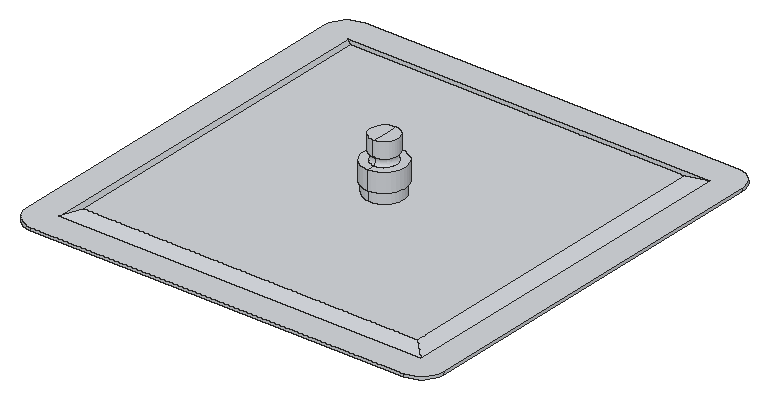
Revit family "BRG-GRF-DCH_ Briggs Reg. Cuad. Slim Inox Cr 30 cm", category Aparatos sanitarios, Revit 2020
Family settings
  Cota de conector redondo = Diámetro de uso
  Tipo de pieza = Normal
  Número OmniClass = 23.45.00.00
  Título OmniClass = Sanitary, Laundry, and Cleaning Equipment
  Se basa en plano de trabajo = No
  Siempre vertical = Sí
  Corte con vacíos al cargar = No
  Compartido = Sí
  Punto de cálculo de habitación = Sí
Parameters (values of type "Briggs Reg. Cuad. Slim Inox Cr 30 cm")
  _EDESA_ Sku/código = "SG0081023061CW"
  _EDESA_ Materiales = "Latón"
  _EDESA_ Garantía = "De por vida para el cuerpo principal y acabado en cromo (306)"
  _EDESA_ Cumple normativa ADA = ""
  _EDESA_ Contacto comercial = "(02) 395 2900"
  _EDESA_ Conexión hidráulica = "Entrada de agua: tubería ø 1/2\""
  _EDESA_ Certificación = "Cumple con norma NTE - INEN 3123 basada en la norma ASME 112.18.1 - 2012."
  _EDESA_ Productos necesarios para instalación = "Brazo de ducha"
  _EDESA_ Productos incluídos = ""
  _EDESA_ Color = "cromo"
  _EDESA_ Descripción = "Regadera de ducha"
  _EDESA_ Peso en kg = "1.8 kg"
  _EDESA_ Consumo/capacidad de agua en L = "9.5 litros por minuto / 2.5 gpm"
  _EDESA_ Distancia de instalación en cm (muro terminado) = "0"
  _EDESA_ Tipo de instalación = "Con brazo de ducha"
  _EDESA_ Profundidad en cm = "30"
  _EDESA_ Categoría = "Productos > Grifería > Ducha"
  _EDESA_ BIM Manager = "Arq. Milton Ruano"
  _EDESA_ Autor BIM = "www.bimplus.com.ec (bimplus.arquitectura.integrada@gmail.com)"
  _EDESA_ Ancho en cm = "30"
  _EDESA_ Alto en cm = "5.8"
  _EDESA_ Manual de Instalación = "https://www.briggs.com.ec/productos/instructivos/Briggs/Griferia/Regaderas_slim.pdf"
  _EDESA_ Nombre = "REGADERA CUADRADA SLIM 30 cm x 30 cm"
  _ALT_Eje instalación = 0.60 m
  _ALT_Basamento = 0.85 m
  URL = "https://www.briggs.com.ec/productos/fichastecnicaspdf/Briggs/Griferia/Regadera_cuadrada_slim_30.pdf"
  Modelo = "Briggs Reg. Cuad. Slim Inox Cr 30 cm"
  Imagen de tipo = <Ninguno>
  Fabricante = "BRIGGS Ecuador"
  Elevación por defecto = 0.00 m
  Conexión de ventilación = yes
  Conexión de residuos = yes
  Conexión AF = yes
  Conexión AC = yes
Reference planes (m)
  plane 1 "Centro (Frontal/Posterior)": y = 0
  plane 2: z = 0
  plane 3 "Centro (Izquierda/Derecha)": x = 0
Dimensions and locks (m)
  aligned and locked: level to plane 2
  aligned and locked: plane 3 "Centro (Izquierda/Derecha)" to nested 1
  aligned and locked: plane 1 "Centro (Frontal/Posterior)" to nested 1
Nested families (m)
  nested 1: "REJILLA" at (0, 0, 0), type "REJILLA"
Connectors (m)
  piping at (0, 0, 0), diameter 0.0127
    settings: on nested 1, index 1, connector inside diameter 609.6 mm, connector length 0.00 m, flow factor 0, pipe flow 0.0 L/s, pressure drop 0.0 Pa, fitting loss kfactor 0, connector angle 0.00°, fixture units 0, engagement length 0.00 m, angle of deflection 0.00°, flow configuration 0, flow direction 1, fitting loss method 0, system type 7, joint type 0, gender type 0, connector reference index -1, connector utility 0, adjustable connector no, is connector primary yes, connector description ""
Definition of nested family "REJILLA"
  Parameters (values of type "REJILLA")
    _EDESA_tipo genérico = "Inodoro"
    _EDESA_URL de ficha técnica = "https://edesa.com.ec/productos/fichastecnicaspdf/Edesa/Sanitarios/Andes.pdf"
    _EDESA_Imagen = 0
    _EDESA_Fábrica nacional = "EDESA Ecuador"
    _EDESA_Código de producto = "JS0022641301CE"
    _EDESA_ Tolerancia dimensional = "± 3% > 20 cm ± 5% < 20 cm"
    _EDESA_ Tipo de montaje / instalación = "30.5 cm"
    _EDESA_ Superficie del agua = "15.5 cm x 18.8 cm"
    _EDESA_ SKU = "JS0022641301CE"
    _EDESA_ Material secundario = "Plástico blanco"
    _EDESA_ Material principal = "Porcelana tono verde mist"
    _EDESA_ Altura = 72.80 m
    _EDESA_ Peso = "23.20 Kg"
    _EDESA_ Nivel mínimo del agua del tanque = "17.5 cm"
    _EDESA_ Largo = 67.50 m
    _EDESA_ Espesor mínimo = "0.6 cm"
    _EDESA_ Diámetro trampa = "4.8 cm"
    _EDESA_ Color = "Blanco"
    _EDESA_ Categoria = "Two pieces"
    _EDESA_ Capacidad / consumo de agua = "4.8 litros"
    _EDESA_ Ancho = 36.50 m
    _EDESA_ Altura de sello = "N/A"
    _ALT_Toma = 0.60 m
    _ALT_Meson = 0.85 m
    URL = "https://edesa.com.ec/productos/fichastecnicaspdf/Edesa/Sanitarios/Andes.pdf"
    Model = "_Edesa_ INODORO ANDES C/A BLANCO"
    Type Image = (empty or 0)
    Manufacturer = "EDESA Ecuador"
    Default Elevation = 0.00 m
    Vent Connection = no
    Waste Connection = no
    CW Connection = no
    HW Connection = no
  Reference planes (m)
    plane 1 "Centro (Frontal/Posterior)": y = 0
    plane 2: z = 0
    plane 3 "Centro (Izquierda/Derecha)": x = 0
    plane 4 "_Alt_Altura de Meson": z = 0.85
    plane 5 "Centro I/E": z = 0.946565
    plane 6 "_RP_Eje": z = 0.6
  Forms (m)
    Revolve 1, solid
      sketch origin (0, 0, 0) x (0, 1, 0) y (0, 0, 1)
        loop
          line (0.013502, -0.041) -> (0.013502, -0.030134) -> (0.014708, -0.030134) -> (0.014708, -0.01672) -> (0.008975, -0.01672)
          arc (0.008975, -0.01672) -> (0.007666, -0.01346) -> (0.009885, -0.010736) r 0.003459
          line (0.009885, -0.010736) -> (0.009885, 0) -> (0, 0) -> (0, -0.041) -> (0.013502, -0.041)
        axis (0, -0.041) -> (0, 0)
      angle from 0 to 360
    Extrusion 2, solid
      sketch origin (0, 0, 0) x (1, 0, 0) y (0, 1, 0)
        loop
          line (-0.15, 0.134) -> (-0.15, -0.134)
          arc (-0.15, -0.134) -> (-0.145314, -0.145314) -> (-0.134, -0.15) r 0.016
          line (-0.134, -0.15) -> (0.134, -0.15)
          arc (0.134, -0.15) -> (0.145314, -0.145314) -> (0.15, -0.134) r 0.016
          line (0.15, -0.134) -> (0.15, 0.134)
          arc (0.15, 0.134) -> (0.145314, 0.145314) -> (0.134, 0.15) r 0.016
          line (0.134, 0.15) -> (-0.134, 0.15)
          arc (-0.134, 0.15) -> (-0.145314, 0.145314) -> (-0.15, 0.134) r 0.016
      from -0.04364 to -0.04164
    SweptBlend 3, solid
      path origin (0, 0, 0) x (0, 1, 0) y (0, 0, 1)
        loop
          line (0, -0.04164) -> (0, -0.03764)
      profile origin (0, 0, -0.04164) x (0, -1, 0) y (1, 0, 0)
        loop
          line (-0.13, -0.13) -> (0.13, -0.13) -> (0.13, 0.13) -> (-0.13, 0.13) -> (-0.13, -0.13)
      end profile origin (0, 0, -0.03764) x (0, -1, 0) y (1, 0, 0)
        loop
          line (-0.12, 0.12) -> (-0.12, -0.12) -> (0.12, -0.12) -> (0.12, 0.12) -> (-0.12, 0.12)
    SweptBlend 4, solid, not visible
      path origin (-0.174116, -0.064, 0) x (-1, 0, 0) y (0, 0, 1)
        loop
          line (-0.110116, -0.059) -> (-0.110116, -0.056)
      profile origin (-0.064, -0.064, -0.059) x (1, 0, 0) y (0, 1, 0)
        loop
          circle (0, 0) r 0.0015
      end profile origin (-0.064, -0.064, -0.056) x (1, 0, 0) y (0, 1, 0)
        loop
          circle (0, 0) r 0.003
    SweptBlend 5, solid
      path origin (-0.235216, -0.124682, 0.01236) x (-1, 0, 0) y (0, 0, 1)
        loop
          line (-0.110116, -0.059) -> (-0.110116, -0.056)
      profile origin (-0.1251, -0.124682, -0.04664) x (1, 0, 0) y (0, 1, 0)
        loop
          circle (0, -0.000418) r 0.001
      end profile origin (-0.1251, -0.124682, -0.04364) x (1, 0, 0) y (0, 1, 0)
        loop
          circle (0, -0.000418) r 0.004
    SweptBlend 6, solid
      path origin (-0.214366, -0.124682, 0.01236) x (-1, 0, 0) y (0, 0, 1)
        loop
          line (-0.110116, -0.059) -> (-0.110116, -0.056)
      profile origin (-0.10425, -0.124682, -0.04664) x (1, 0, 0) y (0, 1, 0)
        loop
          circle (0, -0.000418) r 0.001
      end profile origin (-0.10425, -0.124682, -0.04364) x (1, 0, 0) y (0, 1, 0)
        loop
          circle (0, -0.000418) r 0.004
    SweptBlend 7, solid
      path origin (-0.193516, -0.124682, 0.01236) x (-1, 0, 0) y (0, 0, 1)
        loop
          line (-0.110116, -0.059) -> (-0.110116, -0.056)
      profile origin (-0.0834, -0.124682, -0.04664) x (1, 0, 0) y (0, 1, 0)
        loop
          circle (0, -0.000418) r 0.001
      end profile origin (-0.0834, -0.124682, -0.04364) x (1, 0, 0) y (0, 1, 0)
        loop
          circle (0, -0.000418) r 0.004
    SweptBlend 8, solid
      path origin (-0.172666, -0.124682, 0.01236) x (-1, 0, 0) y (0, 0, 1)
        loop
          line (-0.110116, -0.059) -> (-0.110116, -0.056)
      profile origin (-0.06255, -0.124682, -0.04664) x (1, 0, 0) y (0, 1, 0)
        loop
          circle (0, -0.000418) r 0.001
      end profile origin (-0.06255, -0.124682, -0.04364) x (1, 0, 0) y (0, 1, 0)
        loop
          circle (0, -0.000418) r 0.004
    SweptBlend 9, solid
      path origin (-0.151816, -0.124682, 0.01236) x (-1, 0, 0) y (0, 0, 1)
        loop
          line (-0.110116, -0.059) -> (-0.110116, -0.056)
      profile origin (-0.0417, -0.124682, -0.04664) x (1, 0, 0) y (0, 1, 0)
        loop
          circle (0, -0.000418) r 0.001
      end profile origin (-0.0417, -0.124682, -0.04364) x (1, 0, 0) y (0, 1, 0)
        loop
          circle (0, -0.000418) r 0.004
    SweptBlend 10, solid
      path origin (-0.130966, -0.124682, 0.01236) x (-1, 0, 0) y (0, 0, 1)
        loop
          line (-0.110116, -0.059) -> (-0.110116, -0.056)
      profile origin (-0.02085, -0.124682, -0.04664) x (1, 0, 0) y (0, 1, 0)
        loop
          circle (0, -0.000418) r 0.001
      end profile origin (-0.02085, -0.124682, -0.04364) x (1, 0, 0) y (0, 1, 0)
        loop
          circle (0, -0.000418) r 0.004
    SweptBlend 11, solid
      path origin (-0.110116, -0.124682, 0.01236) x (-1, 0, 0) y (0, 0, 1)
        loop
          line (-0.110116, -0.059) -> (-0.110116, -0.056)
      profile origin (0, -0.124682, -0.04664) x (1, 0, 0) y (0, 1, 0)
        loop
          circle (0, -0.000418) r 0.001
      end profile origin (0, -0.124682, -0.04364) x (1, 0, 0) y (0, 1, 0)
        loop
          circle (0, -0.000418) r 0.004
    SweptBlend 12, solid
      path origin (-0.089266, -0.124682, 0.01236) x (-1, 0, 0) y (0, 0, 1)
        loop
          line (-0.110116, -0.059) -> (-0.110116, -0.056)
      profile origin (0.02085, -0.124682, -0.04664) x (1, 0, 0) y (0, 1, 0)
        loop
          circle (0, -0.000418) r 0.001
      end profile origin (0.02085, -0.124682, -0.04364) x (1, 0, 0) y (0, 1, 0)
        loop
          circle (0, -0.000418) r 0.004
    SweptBlend 13, solid
      path origin (-0.068416, -0.124682, 0.01236) x (-1, 0, 0) y (0, 0, 1)
        loop
          line (-0.110116, -0.059) -> (-0.110116, -0.056)
      profile origin (0.0417, -0.124682, -0.04664) x (1, 0, 0) y (0, 1, 0)
        loop
          circle (0, -0.000418) r 0.001
      end profile origin (0.0417, -0.124682, -0.04364) x (1, 0, 0) y (0, 1, 0)
        loop
          circle (0, -0.000418) r 0.004
    SweptBlend 14, solid
      path origin (-0.047566, -0.124682, 0.01236) x (-1, 0, 0) y (0, 0, 1)
        loop
          line (-0.110116, -0.059) -> (-0.110116, -0.056)
      profile origin (0.06255, -0.124682, -0.04664) x (1, 0, 0) y (0, 1, 0)
        loop
          circle (0, -0.000418) r 0.001
      end profile origin (0.06255, -0.124682, -0.04364) x (1, 0, 0) y (0, 1, 0)
        loop
          circle (0, -0.000418) r 0.004
    SweptBlend 15, solid
      path origin (-0.026716, -0.124682, 0.01236) x (-1, 0, 0) y (0, 0, 1)
        loop
          line (-0.110116, -0.059) -> (-0.110116, -0.056)
      profile origin (0.0834, -0.124682, -0.04664) x (1, 0, 0) y (0, 1, 0)
        loop
          circle (0, -0.000418) r 0.001
      end profile origin (0.0834, -0.124682, -0.04364) x (1, 0, 0) y (0, 1, 0)
        loop
          circle (0, -0.000418) r 0.004
    SweptBlend 16, solid
      path origin (-0.005866, -0.124682, 0.01236) x (-1, 0, 0) y (0, 0, 1)
        loop
          line (-0.110116, -0.059) -> (-0.110116, -0.056)
      profile origin (0.10425, -0.124682, -0.04664) x (1, 0, 0) y (0, 1, 0)
        loop
          circle (0, -0.000418) r 0.001
      end profile origin (0.10425, -0.124682, -0.04364) x (1, 0, 0) y (0, 1, 0)
        loop
          circle (0, -0.000418) r 0.004
    SweptBlend 17, solid
      path origin (0.014984, -0.124682, 0.01236) x (-1, 0, 0) y (0, 0, 1)
        loop
          line (-0.110116, -0.059) -> (-0.110116, -0.056)
      profile origin (0.1251, -0.124682, -0.04664) x (1, 0, 0) y (0, 1, 0)
        loop
          circle (0, -0.000418) r 0.001
      end profile origin (0.1251, -0.124682, -0.04364) x (1, 0, 0) y (0, 1, 0)
        loop
          circle (0, -0.000418) r 0.004
    SweptBlend 18, solid, not visible
      path origin (-0.235216, -0.124682, 0.01236) x (-1, 0, 0) y (0, 0, 1)
        loop
          line (-0.110116, -0.059) -> (-0.110116, -0.056)
      profile origin (-0.1251, -0.124682, -0.04664) x (1, 0, 0) y (0, 1, 0)
        loop
          circle (0, -0.000418) r 0.001
      end profile origin (-0.1251, -0.124682, -0.04364) x (1, 0, 0) y (0, 1, 0)
        loop
          circle (0, -0.000418) r 0.004
    SweptBlend 19, solid
      path origin (-0.235216, -0.103832, 0.01236) x (-1, 0, 0) y (0, 0, 1)
        loop
          line (-0.110116, -0.059) -> (-0.110116, -0.056)
      profile origin (-0.1251, -0.103832, -0.04664) x (1, 0, 0) y (0, 1, 0)
        loop
          circle (0, -0.000418) r 0.001
      end profile origin (-0.1251, -0.103832, -0.04364) x (1, 0, 0) y (0, 1, 0)
        loop
          circle (0, -0.000418) r 0.004
    SweptBlend 20, solid
      path origin (-0.214366, -0.103832, 0.01236) x (-1, 0, 0) y (0, 0, 1)
        loop
          line (-0.110116, -0.059) -> (-0.110116, -0.056)
      profile origin (-0.10425, -0.103832, -0.04664) x (1, 0, 0) y (0, 1, 0)
        loop
          circle (0, -0.000418) r 0.001
      end profile origin (-0.10425, -0.103832, -0.04364) x (1, 0, 0) y (0, 1, 0)
        loop
          circle (0, -0.000418) r 0.004
    SweptBlend 21, solid
      path origin (-0.193516, -0.103832, 0.01236) x (-1, 0, 0) y (0, 0, 1)
        loop
          line (-0.110116, -0.059) -> (-0.110116, -0.056)
      profile origin (-0.0834, -0.103832, -0.04664) x (1, 0, 0) y (0, 1, 0)
        loop
          circle (0, -0.000418) r 0.001
      end profile origin (-0.0834, -0.103832, -0.04364) x (1, 0, 0) y (0, 1, 0)
        loop
          circle (0, -0.000418) r 0.004
    SweptBlend 22, solid
      path origin (-0.172666, -0.103832, 0.01236) x (-1, 0, 0) y (0, 0, 1)
        loop
          line (-0.110116, -0.059) -> (-0.110116, -0.056)
      profile origin (-0.06255, -0.103832, -0.04664) x (1, 0, 0) y (0, 1, 0)
        loop
          circle (0, -0.000418) r 0.001
      end profile origin (-0.06255, -0.103832, -0.04364) x (1, 0, 0) y (0, 1, 0)
        loop
          circle (0, -0.000418) r 0.004
    SweptBlend 23, solid
      path origin (-0.151816, -0.103832, 0.01236) x (-1, 0, 0) y (0, 0, 1)
        loop
          line (-0.110116, -0.059) -> (-0.110116, -0.056)
      profile origin (-0.0417, -0.103832, -0.04664) x (1, 0, 0) y (0, 1, 0)
        loop
          circle (0, -0.000418) r 0.001
      end profile origin (-0.0417, -0.103832, -0.04364) x (1, 0, 0) y (0, 1, 0)
        loop
          circle (0, -0.000418) r 0.004
    SweptBlend 24, solid
      path origin (-0.130966, -0.103832, 0.01236) x (-1, 0, 0) y (0, 0, 1)
        loop
          line (-0.110116, -0.059) -> (-0.110116, -0.056)
      profile origin (-0.02085, -0.103832, -0.04664) x (1, 0, 0) y (0, 1, 0)
        loop
          circle (0, -0.000418) r 0.001
      end profile origin (-0.02085, -0.103832, -0.04364) x (1, 0, 0) y (0, 1, 0)
        loop
          circle (0, -0.000418) r 0.004
    SweptBlend 25, solid
      path origin (-0.110116, -0.103832, 0.01236) x (-1, 0, 0) y (0, 0, 1)
        loop
          line (-0.110116, -0.059) -> (-0.110116, -0.056)
      profile origin (0, -0.103832, -0.04664) x (1, 0, 0) y (0, 1, 0)
        loop
          circle (0, -0.000418) r 0.001
      end profile origin (0, -0.103832, -0.04364) x (1, 0, 0) y (0, 1, 0)
        loop
          circle (0, -0.000418) r 0.004
    SweptBlend 26, solid
      path origin (-0.089266, -0.103832, 0.01236) x (-1, 0, 0) y (0, 0, 1)
        loop
          line (-0.110116, -0.059) -> (-0.110116, -0.056)
      profile origin (0.02085, -0.103832, -0.04664) x (1, 0, 0) y (0, 1, 0)
        loop
          circle (0, -0.000418) r 0.001
      end profile origin (0.02085, -0.103832, -0.04364) x (1, 0, 0) y (0, 1, 0)
        loop
          circle (0, -0.000418) r 0.004
    SweptBlend 27, solid
      path origin (-0.068416, -0.103832, 0.01236) x (-1, 0, 0) y (0, 0, 1)
        loop
          line (-0.110116, -0.059) -> (-0.110116, -0.056)
      profile origin (0.0417, -0.103832, -0.04664) x (1, 0, 0) y (0, 1, 0)
        loop
          circle (0, -0.000418) r 0.001
      end profile origin (0.0417, -0.103832, -0.04364) x (1, 0, 0) y (0, 1, 0)
        loop
          circle (0, -0.000418) r 0.004
    SweptBlend 28, solid
      path origin (-0.047566, -0.103832, 0.01236) x (-1, 0, 0) y (0, 0, 1)
        loop
          line (-0.110116, -0.059) -> (-0.110116, -0.056)
      profile origin (0.06255, -0.103832, -0.04664) x (1, 0, 0) y (0, 1, 0)
        loop
          circle (0, -0.000418) r 0.001
      end profile origin (0.06255, -0.103832, -0.04364) x (1, 0, 0) y (0, 1, 0)
        loop
          circle (0, -0.000418) r 0.004
    SweptBlend 29, solid
      path origin (-0.026716, -0.103832, 0.01236) x (-1, 0, 0) y (0, 0, 1)
        loop
          line (-0.110116, -0.059) -> (-0.110116, -0.056)
      profile origin (0.0834, -0.103832, -0.04664) x (1, 0, 0) y (0, 1, 0)
        loop
          circle (0, -0.000418) r 0.001
      end profile origin (0.0834, -0.103832, -0.04364) x (1, 0, 0) y (0, 1, 0)
        loop
          circle (0, -0.000418) r 0.004
    SweptBlend 30, solid
      path origin (-0.005866, -0.103832, 0.01236) x (-1, 0, 0) y (0, 0, 1)
        loop
          line (-0.110116, -0.059) -> (-0.110116, -0.056)
      profile origin (0.10425, -0.103832, -0.04664) x (1, 0, 0) y (0, 1, 0)
        loop
          circle (0, -0.000418) r 0.001
      end profile origin (0.10425, -0.103832, -0.04364) x (1, 0, 0) y (0, 1, 0)
        loop
          circle (0, -0.000418) r 0.004
    SweptBlend 31, solid
      path origin (0.014984, -0.103832, 0.01236) x (-1, 0, 0) y (0, 0, 1)
        loop
          line (-0.110116, -0.059) -> (-0.110116, -0.056)
      profile origin (0.1251, -0.103832, -0.04664) x (1, 0, 0) y (0, 1, 0)
        loop
          circle (0, -0.000418) r 0.001
      end profile origin (0.1251, -0.103832, -0.04364) x (1, 0, 0) y (0, 1, 0)
        loop
          circle (0, -0.000418) r 0.004
    SweptBlend 32, solid
      path origin (-0.235216, -0.082982, 0.01236) x (-1, 0, 0) y (0, 0, 1)
        loop
          line (-0.110116, -0.059) -> (-0.110116, -0.056)
      profile origin (-0.1251, -0.082982, -0.04664) x (1, 0, 0) y (0, 1, 0)
        loop
          circle (0, -0.000418) r 0.001
      end profile origin (-0.1251, -0.082982, -0.04364) x (1, 0, 0) y (0, 1, 0)
        loop
          circle (0, -0.000418) r 0.004
    SweptBlend 33, solid
      path origin (-0.214366, -0.082982, 0.01236) x (-1, 0, 0) y (0, 0, 1)
        loop
          line (-0.110116, -0.059) -> (-0.110116, -0.056)
      profile origin (-0.10425, -0.082982, -0.04664) x (1, 0, 0) y (0, 1, 0)
        loop
          circle (0, -0.000418) r 0.001
      end profile origin (-0.10425, -0.082982, -0.04364) x (1, 0, 0) y (0, 1, 0)
        loop
          circle (0, -0.000418) r 0.004
    SweptBlend 34, solid
      path origin (-0.193516, -0.082982, 0.01236) x (-1, 0, 0) y (0, 0, 1)
        loop
          line (-0.110116, -0.059) -> (-0.110116, -0.056)
      profile origin (-0.0834, -0.082982, -0.04664) x (1, 0, 0) y (0, 1, 0)
        loop
          circle (0, -0.000418) r 0.001
      end profile origin (-0.0834, -0.082982, -0.04364) x (1, 0, 0) y (0, 1, 0)
        loop
          circle (0, -0.000418) r 0.004
    SweptBlend 35, solid
      path origin (-0.172666, -0.082982, 0.01236) x (-1, 0, 0) y (0, 0, 1)
        loop
          line (-0.110116, -0.059) -> (-0.110116, -0.056)
      profile origin (-0.06255, -0.082982, -0.04664) x (1, 0, 0) y (0, 1, 0)
        loop
          circle (0, -0.000418) r 0.001
      end profile origin (-0.06255, -0.082982, -0.04364) x (1, 0, 0) y (0, 1, 0)
        loop
          circle (0, -0.000418) r 0.004
    SweptBlend 36, solid
      path origin (-0.151816, -0.082982, 0.01236) x (-1, 0, 0) y (0, 0, 1)
        loop
          line (-0.110116, -0.059) -> (-0.110116, -0.056)
      profile origin (-0.0417, -0.082982, -0.04664) x (1, 0, 0) y (0, 1, 0)
        loop
          circle (0, -0.000418) r 0.001
      end profile origin (-0.0417, -0.082982, -0.04364) x (1, 0, 0) y (0, 1, 0)
        loop
          circle (0, -0.000418) r 0.004
    SweptBlend 37, solid
      path origin (-0.130966, -0.082982, 0.01236) x (-1, 0, 0) y (0, 0, 1)
        loop
          line (-0.110116, -0.059) -> (-0.110116, -0.056)
      profile origin (-0.02085, -0.082982, -0.04664) x (1, 0, 0) y (0, 1, 0)
        loop
          circle (0, -0.000418) r 0.001
      end profile origin (-0.02085, -0.082982, -0.04364) x (1, 0, 0) y (0, 1, 0)
        loop
          circle (0, -0.000418) r 0.004
    SweptBlend 38, solid
      path origin (-0.110116, -0.082982, 0.01236) x (-1, 0, 0) y (0, 0, 1)
        loop
          line (-0.110116, -0.059) -> (-0.110116, -0.056)
      profile origin (0, -0.082982, -0.04664) x (1, 0, 0) y (0, 1, 0)
        loop
          circle (0, -0.000418) r 0.001
      end profile origin (0, -0.082982, -0.04364) x (1, 0, 0) y (0, 1, 0)
        loop
          circle (0, -0.000418) r 0.004
    SweptBlend 39, solid
      path origin (-0.089266, -0.082982, 0.01236) x (-1, 0, 0) y (0, 0, 1)
        loop
          line (-0.110116, -0.059) -> (-0.110116, -0.056)
      profile origin (0.02085, -0.082982, -0.04664) x (1, 0, 0) y (0, 1, 0)
        loop
          circle (0, -0.000418) r 0.001
      end profile origin (0.02085, -0.082982, -0.04364) x (1, 0, 0) y (0, 1, 0)
        loop
          circle (0, -0.000418) r 0.004
    SweptBlend 40, solid
      path origin (-0.068416, -0.082982, 0.01236) x (-1, 0, 0) y (0, 0, 1)
        loop
          line (-0.110116, -0.059) -> (-0.110116, -0.056)
      profile origin (0.0417, -0.082982, -0.04664) x (1, 0, 0) y (0, 1, 0)
        loop
          circle (0, -0.000418) r 0.001
      end profile origin (0.0417, -0.082982, -0.04364) x (1, 0, 0) y (0, 1, 0)
        loop
          circle (0, -0.000418) r 0.004
    SweptBlend 41, solid
      path origin (-0.047566, -0.082982, 0.01236) x (-1, 0, 0) y (0, 0, 1)
        loop
          line (-0.110116, -0.059) -> (-0.110116, -0.056)
      profile origin (0.06255, -0.082982, -0.04664) x (1, 0, 0) y (0, 1, 0)
        loop
          circle (0, -0.000418) r 0.001
      end profile origin (0.06255, -0.082982, -0.04364) x (1, 0, 0) y (0, 1, 0)
        loop
          circle (0, -0.000418) r 0.004
    SweptBlend 42, solid
      path origin (-0.026716, -0.082982, 0.01236) x (-1, 0, 0) y (0, 0, 1)
        loop
          line (-0.110116, -0.059) -> (-0.110116, -0.056)
      profile origin (0.0834, -0.082982, -0.04664) x (1, 0, 0) y (0, 1, 0)
        loop
          circle (0, -0.000418) r 0.001
      end profile origin (0.0834, -0.082982, -0.04364) x (1, 0, 0) y (0, 1, 0)
        loop
          circle (0, -0.000418) r 0.004
    SweptBlend 43, solid
      path origin (-0.005866, -0.082982, 0.01236) x (-1, 0, 0) y (0, 0, 1)
        loop
          line (-0.110116, -0.059) -> (-0.110116, -0.056)
      profile origin (0.10425, -0.082982, -0.04664) x (1, 0, 0) y (0, 1, 0)
        loop
          circle (0, -0.000418) r 0.001
      end profile origin (0.10425, -0.082982, -0.04364) x (1, 0, 0) y (0, 1, 0)
        loop
          circle (0, -0.000418) r 0.004
    SweptBlend 44, solid
      path origin (0.014984, -0.082982, 0.01236) x (-1, 0, 0) y (0, 0, 1)
        loop
          line (-0.110116, -0.059) -> (-0.110116, -0.056)
      profile origin (0.1251, -0.082982, -0.04664) x (1, 0, 0) y (0, 1, 0)
        loop
          circle (0, -0.000418) r 0.001
      end profile origin (0.1251, -0.082982, -0.04364) x (1, 0, 0) y (0, 1, 0)
        loop
          circle (0, -0.000418) r 0.004
    SweptBlend 45, solid
      path origin (-0.235216, -0.062132, 0.01236) x (-1, 0, 0) y (0, 0, 1)
        loop
          line (-0.110116, -0.059) -> (-0.110116, -0.056)
      profile origin (-0.1251, -0.062132, -0.04664) x (1, 0, 0) y (0, 1, 0)
        loop
          circle (0, -0.000418) r 0.001
      end profile origin (-0.1251, -0.062132, -0.04364) x (1, 0, 0) y (0, 1, 0)
        loop
          circle (0, -0.000418) r 0.004
    SweptBlend 46, solid
      path origin (-0.214366, -0.062132, 0.01236) x (-1, 0, 0) y (0, 0, 1)
        loop
          line (-0.110116, -0.059) -> (-0.110116, -0.056)
      profile origin (-0.10425, -0.062132, -0.04664) x (1, 0, 0) y (0, 1, 0)
        loop
          circle (0, -0.000418) r 0.001
      end profile origin (-0.10425, -0.062132, -0.04364) x (1, 0, 0) y (0, 1, 0)
        loop
          circle (0, -0.000418) r 0.004
    SweptBlend 47, solid
      path origin (-0.193516, -0.062132, 0.01236) x (-1, 0, 0) y (0, 0, 1)
        loop
          line (-0.110116, -0.059) -> (-0.110116, -0.056)
      profile origin (-0.0834, -0.062132, -0.04664) x (1, 0, 0) y (0, 1, 0)
        loop
          circle (0, -0.000418) r 0.001
      end profile origin (-0.0834, -0.062132, -0.04364) x (1, 0, 0) y (0, 1, 0)
        loop
          circle (0, -0.000418) r 0.004
    SweptBlend 48, solid
      path origin (-0.172666, -0.062132, 0.01236) x (-1, 0, 0) y (0, 0, 1)
        loop
          line (-0.110116, -0.059) -> (-0.110116, -0.056)
      profile origin (-0.06255, -0.062132, -0.04664) x (1, 0, 0) y (0, 1, 0)
        loop
          circle (0, -0.000418) r 0.001
      end profile origin (-0.06255, -0.062132, -0.04364) x (1, 0, 0) y (0, 1, 0)
        loop
          circle (0, -0.000418) r 0.004
    SweptBlend 49, solid
      path origin (-0.151816, -0.062132, 0.01236) x (-1, 0, 0) y (0, 0, 1)
        loop
          line (-0.110116, -0.059) -> (-0.110116, -0.056)
      profile origin (-0.0417, -0.062132, -0.04664) x (1, 0, 0) y (0, 1, 0)
        loop
          circle (0, -0.000418) r 0.001
      end profile origin (-0.0417, -0.062132, -0.04364) x (1, 0, 0) y (0, 1, 0)
        loop
          circle (0, -0.000418) r 0.004
    SweptBlend 50, solid
      path origin (-0.130966, -0.062132, 0.01236) x (-1, 0, 0) y (0, 0, 1)
        loop
          line (-0.110116, -0.059) -> (-0.110116, -0.056)
      profile origin (-0.02085, -0.062132, -0.04664) x (1, 0, 0) y (0, 1, 0)
        loop
          circle (0, -0.000418) r 0.001
      end profile origin (-0.02085, -0.062132, -0.04364) x (1, 0, 0) y (0, 1, 0)
        loop
          circle (0, -0.000418) r 0.004
    SweptBlend 51, solid
      path origin (-0.110116, -0.062132, 0.01236) x (-1, 0, 0) y (0, 0, 1)
        loop
          line (-0.110116, -0.059) -> (-0.110116, -0.056)
      profile origin (0, -0.062132, -0.04664) x (1, 0, 0) y (0, 1, 0)
        loop
          circle (0, -0.000418) r 0.001
      end profile origin (0, -0.062132, -0.04364) x (1, 0, 0) y (0, 1, 0)
        loop
          circle (0, -0.000418) r 0.004
    SweptBlend 52, solid
      path origin (-0.089266, -0.062132, 0.01236) x (-1, 0, 0) y (0, 0, 1)
        loop
          line (-0.110116, -0.059) -> (-0.110116, -0.056)
      profile origin (0.02085, -0.062132, -0.04664) x (1, 0, 0) y (0, 1, 0)
        loop
          circle (0, -0.000418) r 0.001
      end profile origin (0.02085, -0.062132, -0.04364) x (1, 0, 0) y (0, 1, 0)
        loop
          circle (0, -0.000418) r 0.004
    SweptBlend 53, solid
      path origin (-0.068416, -0.062132, 0.01236) x (-1, 0, 0) y (0, 0, 1)
        loop
          line (-0.110116, -0.059) -> (-0.110116, -0.056)
      profile origin (0.0417, -0.062132, -0.04664) x (1, 0, 0) y (0, 1, 0)
        loop
          circle (0, -0.000418) r 0.001
      end profile origin (0.0417, -0.062132, -0.04364) x (1, 0, 0) y (0, 1, 0)
        loop
          circle (0, -0.000418) r 0.004
    SweptBlend 54, solid
      path origin (-0.047566, -0.062132, 0.01236) x (-1, 0, 0) y (0, 0, 1)
        loop
          line (-0.110116, -0.059) -> (-0.110116, -0.056)
      profile origin (0.06255, -0.062132, -0.04664) x (1, 0, 0) y (0, 1, 0)
        loop
          circle (0, -0.000418) r 0.001
      end profile origin (0.06255, -0.062132, -0.04364) x (1, 0, 0) y (0, 1, 0)
        loop
          circle (0, -0.000418) r 0.004
    SweptBlend 55, solid
      path origin (-0.026716, -0.062132, 0.01236) x (-1, 0, 0) y (0, 0, 1)
        loop
          line (-0.110116, -0.059) -> (-0.110116, -0.056)
      profile origin (0.0834, -0.062132, -0.04664) x (1, 0, 0) y (0, 1, 0)
        loop
          circle (0, -0.000418) r 0.001
      end profile origin (0.0834, -0.062132, -0.04364) x (1, 0, 0) y (0, 1, 0)
        loop
          circle (0, -0.000418) r 0.004
    SweptBlend 56, solid
      path origin (-0.005866, -0.062132, 0.01236) x (-1, 0, 0) y (0, 0, 1)
        loop
          line (-0.110116, -0.059) -> (-0.110116, -0.056)
      profile origin (0.10425, -0.062132, -0.04664) x (1, 0, 0) y (0, 1, 0)
        loop
          circle (0, -0.000418) r 0.001
      end profile origin (0.10425, -0.062132, -0.04364) x (1, 0, 0) y (0, 1, 0)
        loop
          circle (0, -0.000418) r 0.004
    SweptBlend 57, solid
      path origin (0.014984, -0.062132, 0.01236) x (-1, 0, 0) y (0, 0, 1)
        loop
          line (-0.110116, -0.059) -> (-0.110116, -0.056)
      profile origin (0.1251, -0.062132, -0.04664) x (1, 0, 0) y (0, 1, 0)
        loop
          circle (0, -0.000418) r 0.001
      end profile origin (0.1251, -0.062132, -0.04364) x (1, 0, 0) y (0, 1, 0)
        loop
          circle (0, -0.000418) r 0.004
    SweptBlend 58, solid
      path origin (-0.235216, -0.041282, 0.01236) x (-1, 0, 0) y (0, 0, 1)
        loop
          line (-0.110116, -0.059) -> (-0.110116, -0.056)
      profile origin (-0.1251, -0.041282, -0.04664) x (1, 0, 0) y (0, 1, 0)
        loop
          circle (0, -0.000418) r 0.001
      end profile origin (-0.1251, -0.041282, -0.04364) x (1, 0, 0) y (0, 1, 0)
        loop
          circle (0, -0.000418) r 0.004
    SweptBlend 59, solid
      path origin (-0.214366, -0.041282, 0.01236) x (-1, 0, 0) y (0, 0, 1)
        loop
          line (-0.110116, -0.059) -> (-0.110116, -0.056)
      profile origin (-0.10425, -0.041282, -0.04664) x (1, 0, 0) y (0, 1, 0)
        loop
          circle (0, -0.000418) r 0.001
      end profile origin (-0.10425, -0.041282, -0.04364) x (1, 0, 0) y (0, 1, 0)
        loop
          circle (0, -0.000418) r 0.004
    SweptBlend 60, solid
      path origin (-0.193516, -0.041282, 0.01236) x (-1, 0, 0) y (0, 0, 1)
        loop
          line (-0.110116, -0.059) -> (-0.110116, -0.056)
      profile origin (-0.0834, -0.041282, -0.04664) x (1, 0, 0) y (0, 1, 0)
        loop
          circle (0, -0.000418) r 0.001
      end profile origin (-0.0834, -0.041282, -0.04364) x (1, 0, 0) y (0, 1, 0)
        loop
          circle (0, -0.000418) r 0.004
    SweptBlend 61, solid
      path origin (-0.172666, -0.041282, 0.01236) x (-1, 0, 0) y (0, 0, 1)
        loop
          line (-0.110116, -0.059) -> (-0.110116, -0.056)
      profile origin (-0.06255, -0.041282, -0.04664) x (1, 0, 0) y (0, 1, 0)
        loop
          circle (0, -0.000418) r 0.001
      end profile origin (-0.06255, -0.041282, -0.04364) x (1, 0, 0) y (0, 1, 0)
        loop
          circle (0, -0.000418) r 0.004
    SweptBlend 62, solid
      path origin (-0.151816, -0.041282, 0.01236) x (-1, 0, 0) y (0, 0, 1)
        loop
          line (-0.110116, -0.059) -> (-0.110116, -0.056)
      profile origin (-0.0417, -0.041282, -0.04664) x (1, 0, 0) y (0, 1, 0)
        loop
          circle (0, -0.000418) r 0.001
      end profile origin (-0.0417, -0.041282, -0.04364) x (1, 0, 0) y (0, 1, 0)
        loop
          circle (0, -0.000418) r 0.004
    SweptBlend 63, solid
      path origin (-0.130966, -0.041282, 0.01236) x (-1, 0, 0) y (0, 0, 1)
        loop
          line (-0.110116, -0.059) -> (-0.110116, -0.056)
      profile origin (-0.02085, -0.041282, -0.04664) x (1, 0, 0) y (0, 1, 0)
        loop
          circle (0, -0.000418) r 0.001
      end profile origin (-0.02085, -0.041282, -0.04364) x (1, 0, 0) y (0, 1, 0)
        loop
          circle (0, -0.000418) r 0.004
    SweptBlend 64, solid
      path origin (-0.110116, -0.041282, 0.01236) x (-1, 0, 0) y (0, 0, 1)
        loop
          line (-0.110116, -0.059) -> (-0.110116, -0.056)
      profile origin (0, -0.041282, -0.04664) x (1, 0, 0) y (0, 1, 0)
        loop
          circle (0, -0.000418) r 0.001
      end profile origin (0, -0.041282, -0.04364) x (1, 0, 0) y (0, 1, 0)
        loop
          circle (0, -0.000418) r 0.004
    SweptBlend 65, solid
      path origin (-0.089266, -0.041282, 0.01236) x (-1, 0, 0) y (0, 0, 1)
        loop
          line (-0.110116, -0.059) -> (-0.110116, -0.056)
      profile origin (0.02085, -0.041282, -0.04664) x (1, 0, 0) y (0, 1, 0)
        loop
          circle (0, -0.000418) r 0.001
      end profile origin (0.02085, -0.041282, -0.04364) x (1, 0, 0) y (0, 1, 0)
        loop
          circle (0, -0.000418) r 0.004
    SweptBlend 66, solid
      path origin (-0.068416, -0.041282, 0.01236) x (-1, 0, 0) y (0, 0, 1)
        loop
          line (-0.110116, -0.059) -> (-0.110116, -0.056)
      profile origin (0.0417, -0.041282, -0.04664) x (1, 0, 0) y (0, 1, 0)
        loop
          circle (0, -0.000418) r 0.001
      end profile origin (0.0417, -0.041282, -0.04364) x (1, 0, 0) y (0, 1, 0)
        loop
          circle (0, -0.000418) r 0.004
    SweptBlend 67, solid
      path origin (-0.047566, -0.041282, 0.01236) x (-1, 0, 0) y (0, 0, 1)
        loop
          line (-0.110116, -0.059) -> (-0.110116, -0.056)
      profile origin (0.06255, -0.041282, -0.04664) x (1, 0, 0) y (0, 1, 0)
        loop
          circle (0, -0.000418) r 0.001
      end profile origin (0.06255, -0.041282, -0.04364) x (1, 0, 0) y (0, 1, 0)
        loop
          circle (0, -0.000418) r 0.004
    SweptBlend 68, solid
      path origin (-0.026716, -0.041282, 0.01236) x (-1, 0, 0) y (0, 0, 1)
        loop
          line (-0.110116, -0.059) -> (-0.110116, -0.056)
      profile origin (0.0834, -0.041282, -0.04664) x (1, 0, 0) y (0, 1, 0)
        loop
          circle (0, -0.000418) r 0.001
      end profile origin (0.0834, -0.041282, -0.04364) x (1, 0, 0) y (0, 1, 0)
        loop
          circle (0, -0.000418) r 0.004
    SweptBlend 69, solid
      path origin (-0.005866, -0.041282, 0.01236) x (-1, 0, 0) y (0, 0, 1)
        loop
          line (-0.110116, -0.059) -> (-0.110116, -0.056)
      profile origin (0.10425, -0.041282, -0.04664) x (1, 0, 0) y (0, 1, 0)
        loop
          circle (0, -0.000418) r 0.001
      end profile origin (0.10425, -0.041282, -0.04364) x (1, 0, 0) y (0, 1, 0)
        loop
          circle (0, -0.000418) r 0.004
    SweptBlend 70, solid
      path origin (0.014984, -0.041282, 0.01236) x (-1, 0, 0) y (0, 0, 1)
        loop
          line (-0.110116, -0.059) -> (-0.110116, -0.056)
      profile origin (0.1251, -0.041282, -0.04664) x (1, 0, 0) y (0, 1, 0)
        loop
          circle (0, -0.000418) r 0.001
      end profile origin (0.1251, -0.041282, -0.04364) x (1, 0, 0) y (0, 1, 0)
        loop
          circle (0, -0.000418) r 0.004
    SweptBlend 71, solid
      path origin (-0.235216, -0.020432, 0.01236) x (-1, 0, 0) y (0, 0, 1)
        loop
          line (-0.110116, -0.059) -> (-0.110116, -0.056)
      profile origin (-0.1251, -0.020432, -0.04664) x (1, 0, 0) y (0, 1, 0)
        loop
          circle (0, -0.000418) r 0.001
      end profile origin (-0.1251, -0.020432, -0.04364) x (1, 0, 0) y (0, 1, 0)
        loop
          circle (0, -0.000418) r 0.004
    SweptBlend 72, solid
      path origin (-0.214366, -0.020432, 0.01236) x (-1, 0, 0) y (0, 0, 1)
        loop
          line (-0.110116, -0.059) -> (-0.110116, -0.056)
      profile origin (-0.10425, -0.020432, -0.04664) x (1, 0, 0) y (0, 1, 0)
        loop
          circle (0, -0.000418) r 0.001
      end profile origin (-0.10425, -0.020432, -0.04364) x (1, 0, 0) y (0, 1, 0)
        loop
          circle (0, -0.000418) r 0.004
    SweptBlend 73, solid
      path origin (-0.193516, -0.020432, 0.01236) x (-1, 0, 0) y (0, 0, 1)
        loop
          line (-0.110116, -0.059) -> (-0.110116, -0.056)
      profile origin (-0.0834, -0.020432, -0.04664) x (1, 0, 0) y (0, 1, 0)
        loop
          circle (0, -0.000418) r 0.001
      end profile origin (-0.0834, -0.020432, -0.04364) x (1, 0, 0) y (0, 1, 0)
        loop
          circle (0, -0.000418) r 0.004
    SweptBlend 74, solid
      path origin (-0.172666, -0.020432, 0.01236) x (-1, 0, 0) y (0, 0, 1)
        loop
          line (-0.110116, -0.059) -> (-0.110116, -0.056)
      profile origin (-0.06255, -0.020432, -0.04664) x (1, 0, 0) y (0, 1, 0)
        loop
          circle (0, -0.000418) r 0.001
      end profile origin (-0.06255, -0.020432, -0.04364) x (1, 0, 0) y (0, 1, 0)
        loop
          circle (0, -0.000418) r 0.004
    SweptBlend 75, solid
      path origin (-0.151816, -0.020432, 0.01236) x (-1, 0, 0) y (0, 0, 1)
        loop
          line (-0.110116, -0.059) -> (-0.110116, -0.056)
      profile origin (-0.0417, -0.020432, -0.04664) x (1, 0, 0) y (0, 1, 0)
        loop
          circle (0, -0.000418) r 0.001
      end profile origin (-0.0417, -0.020432, -0.04364) x (1, 0, 0) y (0, 1, 0)
        loop
          circle (0, -0.000418) r 0.004
    SweptBlend 76, solid
      path origin (-0.130966, -0.020432, 0.01236) x (-1, 0, 0) y (0, 0, 1)
        loop
          line (-0.110116, -0.059) -> (-0.110116, -0.056)
      profile origin (-0.02085, -0.020432, -0.04664) x (1, 0, 0) y (0, 1, 0)
        loop
          circle (0, -0.000418) r 0.001
      end profile origin (-0.02085, -0.020432, -0.04364) x (1, 0, 0) y (0, 1, 0)
        loop
          circle (0, -0.000418) r 0.004
    SweptBlend 77, solid
      path origin (-0.110116, -0.020432, 0.01236) x (-1, 0, 0) y (0, 0, 1)
        loop
          line (-0.110116, -0.059) -> (-0.110116, -0.056)
      profile origin (0, -0.020432, -0.04664) x (1, 0, 0) y (0, 1, 0)
        loop
          circle (0, -0.000418) r 0.001
      end profile origin (0, -0.020432, -0.04364) x (1, 0, 0) y (0, 1, 0)
        loop
          circle (0, -0.000418) r 0.004
    SweptBlend 78, solid
      path origin (-0.089266, -0.020432, 0.01236) x (-1, 0, 0) y (0, 0, 1)
        loop
          line (-0.110116, -0.059) -> (-0.110116, -0.056)
      profile origin (0.02085, -0.020432, -0.04664) x (1, 0, 0) y (0, 1, 0)
        loop
          circle (0, -0.000418) r 0.001
      end profile origin (0.02085, -0.020432, -0.04364) x (1, 0, 0) y (0, 1, 0)
        loop
          circle (0, -0.000418) r 0.004
    SweptBlend 79, solid
      path origin (-0.068416, -0.020432, 0.01236) x (-1, 0, 0) y (0, 0, 1)
        loop
          line (-0.110116, -0.059) -> (-0.110116, -0.056)
      profile origin (0.0417, -0.020432, -0.04664) x (1, 0, 0) y (0, 1, 0)
        loop
          circle (0, -0.000418) r 0.001
      end profile origin (0.0417, -0.020432, -0.04364) x (1, 0, 0) y (0, 1, 0)
        loop
          circle (0, -0.000418) r 0.004
    SweptBlend 80, solid
      path origin (-0.047566, -0.020432, 0.01236) x (-1, 0, 0) y (0, 0, 1)
        loop
          line (-0.110116, -0.059) -> (-0.110116, -0.056)
      profile origin (0.06255, -0.020432, -0.04664) x (1, 0, 0) y (0, 1, 0)
        loop
          circle (0, -0.000418) r 0.001
      end profile origin (0.06255, -0.020432, -0.04364) x (1, 0, 0) y (0, 1, 0)
        loop
          circle (0, -0.000418) r 0.004
    SweptBlend 81, solid
      path origin (-0.026716, -0.020432, 0.01236) x (-1, 0, 0) y (0, 0, 1)
        loop
          line (-0.110116, -0.059) -> (-0.110116, -0.056)
      profile origin (0.0834, -0.020432, -0.04664) x (1, 0, 0) y (0, 1, 0)
        loop
          circle (0, -0.000418) r 0.001
      end profile origin (0.0834, -0.020432, -0.04364) x (1, 0, 0) y (0, 1, 0)
        loop
          circle (0, -0.000418) r 0.004
    SweptBlend 82, solid
      path origin (-0.005866, -0.020432, 0.01236) x (-1, 0, 0) y (0, 0, 1)
        loop
          line (-0.110116, -0.059) -> (-0.110116, -0.056)
      profile origin (0.10425, -0.020432, -0.04664) x (1, 0, 0) y (0, 1, 0)
        loop
          circle (0, -0.000418) r 0.001
      end profile origin (0.10425, -0.020432, -0.04364) x (1, 0, 0) y (0, 1, 0)
        loop
          circle (0, -0.000418) r 0.004
    SweptBlend 83, solid
      path origin (0.014984, -0.020432, 0.01236) x (-1, 0, 0) y (0, 0, 1)
        loop
          line (-0.110116, -0.059) -> (-0.110116, -0.056)
      profile origin (0.1251, -0.020432, -0.04664) x (1, 0, 0) y (0, 1, 0)
        loop
          circle (0, -0.000418) r 0.001
      end profile origin (0.1251, -0.020432, -0.04364) x (1, 0, 0) y (0, 1, 0)
        loop
          circle (0, -0.000418) r 0.004
    SweptBlend 84, solid
      path origin (-0.235216, 0.000418, 0.01236) x (-1, 0, 0) y (0, 0, 1)
        loop
          line (-0.110116, -0.059) -> (-0.110116, -0.056)
      profile origin (-0.1251, 0.000418, -0.04664) x (1, 0, 0) y (0, 1, 0)
        loop
          circle (0, -0.000418) r 0.001
      end profile origin (-0.1251, 0.000418, -0.04364) x (1, 0, 0) y (0, 1, 0)
        loop
          circle (0, -0.000418) r 0.004
    SweptBlend 85, solid
      path origin (-0.214366, 0.000418, 0.01236) x (-1, 0, 0) y (0, 0, 1)
        loop
          line (-0.110116, -0.059) -> (-0.110116, -0.056)
      profile origin (-0.10425, 0.000418, -0.04664) x (1, 0, 0) y (0, 1, 0)
        loop
          circle (0, -0.000418) r 0.001
      end profile origin (-0.10425, 0.000418, -0.04364) x (1, 0, 0) y (0, 1, 0)
        loop
          circle (0, -0.000418) r 0.004
    SweptBlend 86, solid
      path origin (-0.193516, 0.000418, 0.01236) x (-1, 0, 0) y (0, 0, 1)
        loop
          line (-0.110116, -0.059) -> (-0.110116, -0.056)
      profile origin (-0.0834, 0.000418, -0.04664) x (1, 0, 0) y (0, 1, 0)
        loop
          circle (0, -0.000418) r 0.001
      end profile origin (-0.0834, 0.000418, -0.04364) x (1, 0, 0) y (0, 1, 0)
        loop
          circle (0, -0.000418) r 0.004
    SweptBlend 87, solid
      path origin (-0.172666, 0.000418, 0.01236) x (-1, 0, 0) y (0, 0, 1)
        loop
          line (-0.110116, -0.059) -> (-0.110116, -0.056)
      profile origin (-0.06255, 0.000418, -0.04664) x (1, 0, 0) y (0, 1, 0)
        loop
          circle (0, -0.000418) r 0.001
      end profile origin (-0.06255, 0.000418, -0.04364) x (1, 0, 0) y (0, 1, 0)
        loop
          circle (0, -0.000418) r 0.004
    SweptBlend 88, solid
      path origin (-0.151816, 0.000418, 0.01236) x (-1, 0, 0) y (0, 0, 1)
        loop
          line (-0.110116, -0.059) -> (-0.110116, -0.056)
      profile origin (-0.0417, 0.000418, -0.04664) x (1, 0, 0) y (0, 1, 0)
        loop
          circle (0, -0.000418) r 0.001
      end profile origin (-0.0417, 0.000418, -0.04364) x (1, 0, 0) y (0, 1, 0)
        loop
          circle (0, -0.000418) r 0.004
    SweptBlend 89, solid
      path origin (-0.130966, 0.000418, 0.01236) x (-1, 0, 0) y (0, 0, 1)
        loop
          line (-0.110116, -0.059) -> (-0.110116, -0.056)
      profile origin (-0.02085, 0.000418, -0.04664) x (1, 0, 0) y (0, 1, 0)
        loop
          circle (0, -0.000418) r 0.001
      end profile origin (-0.02085, 0.000418, -0.04364) x (1, 0, 0) y (0, 1, 0)
        loop
          circle (0, -0.000418) r 0.004
    SweptBlend 90, solid
      path origin (-0.110116, 0.000418, 0.01236) x (-1, 0, 0) y (0, 0, 1)
        loop
          line (-0.110116, -0.059) -> (-0.110116, -0.056)
      profile origin (0, 0.000418, -0.04664) x (1, 0, 0) y (0, 1, 0)
        loop
          circle (0, -0.000418) r 0.001
      end profile origin (0, 0.000418, -0.04364) x (1, 0, 0) y (0, 1, 0)
        loop
          circle (0, -0.000418) r 0.004
    SweptBlend 91, solid
      path origin (-0.089266, 0.000418, 0.01236) x (-1, 0, 0) y (0, 0, 1)
        loop
          line (-0.110116, -0.059) -> (-0.110116, -0.056)
      profile origin (0.02085, 0.000418, -0.04664) x (1, 0, 0) y (0, 1, 0)
        loop
          circle (0, -0.000418) r 0.001
      end profile origin (0.02085, 0.000418, -0.04364) x (1, 0, 0) y (0, 1, 0)
        loop
          circle (0, -0.000418) r 0.004
    SweptBlend 92, solid
      path origin (-0.068416, 0.000418, 0.01236) x (-1, 0, 0) y (0, 0, 1)
        loop
          line (-0.110116, -0.059) -> (-0.110116, -0.056)
      profile origin (0.0417, 0.000418, -0.04664) x (1, 0, 0) y (0, 1, 0)
        loop
          circle (0, -0.000418) r 0.001
      end profile origin (0.0417, 0.000418, -0.04364) x (1, 0, 0) y (0, 1, 0)
        loop
          circle (0, -0.000418) r 0.004
    SweptBlend 93, solid
      path origin (-0.047566, 0.000418, 0.01236) x (-1, 0, 0) y (0, 0, 1)
        loop
          line (-0.110116, -0.059) -> (-0.110116, -0.056)
      profile origin (0.06255, 0.000418, -0.04664) x (1, 0, 0) y (0, 1, 0)
        loop
          circle (0, -0.000418) r 0.001
      end profile origin (0.06255, 0.000418, -0.04364) x (1, 0, 0) y (0, 1, 0)
        loop
          circle (0, -0.000418) r 0.004
    SweptBlend 94, solid
      path origin (-0.026716, 0.000418, 0.01236) x (-1, 0, 0) y (0, 0, 1)
        loop
          line (-0.110116, -0.059) -> (-0.110116, -0.056)
      profile origin (0.0834, 0.000418, -0.04664) x (1, 0, 0) y (0, 1, 0)
        loop
          circle (0, -0.000418) r 0.001
      end profile origin (0.0834, 0.000418, -0.04364) x (1, 0, 0) y (0, 1, 0)
        loop
          circle (0, -0.000418) r 0.004
    SweptBlend 95, solid
      path origin (-0.005866, 0.000418, 0.01236) x (-1, 0, 0) y (0, 0, 1)
        loop
          line (-0.110116, -0.059) -> (-0.110116, -0.056)
      profile origin (0.10425, 0.000418, -0.04664) x (1, 0, 0) y (0, 1, 0)
        loop
          circle (0, -0.000418) r 0.001
      end profile origin (0.10425, 0.000418, -0.04364) x (1, 0, 0) y (0, 1, 0)
        loop
          circle (0, -0.000418) r 0.004
    SweptBlend 96, solid
      path origin (0.014984, 0.000418, 0.01236) x (-1, 0, 0) y (0, 0, 1)
        loop
          line (-0.110116, -0.059) -> (-0.110116, -0.056)
      profile origin (0.1251, 0.000418, -0.04664) x (1, 0, 0) y (0, 1, 0)
        loop
          circle (0, -0.000418) r 0.001
      end profile origin (0.1251, 0.000418, -0.04364) x (1, 0, 0) y (0, 1, 0)
        loop
          circle (0, -0.000418) r 0.004
    SweptBlend 97, solid
      path origin (-0.235216, 0.021268, 0.01236) x (-1, 0, 0) y (0, 0, 1)
        loop
          line (-0.110116, -0.059) -> (-0.110116, -0.056)
      profile origin (-0.1251, 0.021268, -0.04664) x (1, 0, 0) y (0, 1, 0)
        loop
          circle (0, -0.000418) r 0.001
      end profile origin (-0.1251, 0.021268, -0.04364) x (1, 0, 0) y (0, 1, 0)
        loop
          circle (0, -0.000418) r 0.004
    SweptBlend 98, solid
      path origin (-0.214366, 0.021268, 0.01236) x (-1, 0, 0) y (0, 0, 1)
        loop
          line (-0.110116, -0.059) -> (-0.110116, -0.056)
      profile origin (-0.10425, 0.021268, -0.04664) x (1, 0, 0) y (0, 1, 0)
        loop
          circle (0, -0.000418) r 0.001
      end profile origin (-0.10425, 0.021268, -0.04364) x (1, 0, 0) y (0, 1, 0)
        loop
          circle (0, -0.000418) r 0.004
    SweptBlend 99, solid
      path origin (-0.193516, 0.021268, 0.01236) x (-1, 0, 0) y (0, 0, 1)
        loop
          line (-0.110116, -0.059) -> (-0.110116, -0.056)
      profile origin (-0.0834, 0.021268, -0.04664) x (1, 0, 0) y (0, 1, 0)
        loop
          circle (0, -0.000418) r 0.001
      end profile origin (-0.0834, 0.021268, -0.04364) x (1, 0, 0) y (0, 1, 0)
        loop
          circle (0, -0.000418) r 0.004
    SweptBlend 100, solid
      path origin (-0.172666, 0.021268, 0.01236) x (-1, 0, 0) y (0, 0, 1)
        loop
          line (-0.110116, -0.059) -> (-0.110116, -0.056)
      profile origin (-0.06255, 0.021268, -0.04664) x (1, 0, 0) y (0, 1, 0)
        loop
          circle (0, -0.000418) r 0.001
      end profile origin (-0.06255, 0.021268, -0.04364) x (1, 0, 0) y (0, 1, 0)
        loop
          circle (0, -0.000418) r 0.004
    SweptBlend 101, solid
      path origin (-0.151816, 0.021268, 0.01236) x (-1, 0, 0) y (0, 0, 1)
        loop
          line (-0.110116, -0.059) -> (-0.110116, -0.056)
      profile origin (-0.0417, 0.021268, -0.04664) x (1, 0, 0) y (0, 1, 0)
        loop
          circle (0, -0.000418) r 0.001
      end profile origin (-0.0417, 0.021268, -0.04364) x (1, 0, 0) y (0, 1, 0)
        loop
          circle (0, -0.000418) r 0.004
    SweptBlend 102, solid
      path origin (-0.130966, 0.021268, 0.01236) x (-1, 0, 0) y (0, 0, 1)
        loop
          line (-0.110116, -0.059) -> (-0.110116, -0.056)
      profile origin (-0.02085, 0.021268, -0.04664) x (1, 0, 0) y (0, 1, 0)
        loop
          circle (0, -0.000418) r 0.001
      end profile origin (-0.02085, 0.021268, -0.04364) x (1, 0, 0) y (0, 1, 0)
        loop
          circle (0, -0.000418) r 0.004
    SweptBlend 103, solid
      path origin (-0.110116, 0.021268, 0.01236) x (-1, 0, 0) y (0, 0, 1)
        loop
          line (-0.110116, -0.059) -> (-0.110116, -0.056)
      profile origin (0, 0.021268, -0.04664) x (1, 0, 0) y (0, 1, 0)
        loop
          circle (0, -0.000418) r 0.001
      end profile origin (0, 0.021268, -0.04364) x (1, 0, 0) y (0, 1, 0)
        loop
          circle (0, -0.000418) r 0.004
    SweptBlend 104, solid
      path origin (-0.089266, 0.021268, 0.01236) x (-1, 0, 0) y (0, 0, 1)
        loop
          line (-0.110116, -0.059) -> (-0.110116, -0.056)
      profile origin (0.02085, 0.021268, -0.04664) x (1, 0, 0) y (0, 1, 0)
        loop
          circle (0, -0.000418) r 0.001
      end profile origin (0.02085, 0.021268, -0.04364) x (1, 0, 0) y (0, 1, 0)
        loop
          circle (0, -0.000418) r 0.004
    SweptBlend 105, solid
      path origin (-0.068416, 0.021268, 0.01236) x (-1, 0, 0) y (0, 0, 1)
        loop
          line (-0.110116, -0.059) -> (-0.110116, -0.056)
      profile origin (0.0417, 0.021268, -0.04664) x (1, 0, 0) y (0, 1, 0)
        loop
          circle (0, -0.000418) r 0.001
      end profile origin (0.0417, 0.021268, -0.04364) x (1, 0, 0) y (0, 1, 0)
        loop
          circle (0, -0.000418) r 0.004
    SweptBlend 106, solid
      path origin (-0.047566, 0.021268, 0.01236) x (-1, 0, 0) y (0, 0, 1)
        loop
          line (-0.110116, -0.059) -> (-0.110116, -0.056)
      profile origin (0.06255, 0.021268, -0.04664) x (1, 0, 0) y (0, 1, 0)
        loop
          circle (0, -0.000418) r 0.001
      end profile origin (0.06255, 0.021268, -0.04364) x (1, 0, 0) y (0, 1, 0)
        loop
          circle (0, -0.000418) r 0.004
    SweptBlend 107, solid
      path origin (-0.026716, 0.021268, 0.01236) x (-1, 0, 0) y (0, 0, 1)
        loop
          line (-0.110116, -0.059) -> (-0.110116, -0.056)
      profile origin (0.0834, 0.021268, -0.04664) x (1, 0, 0) y (0, 1, 0)
        loop
          circle (0, -0.000418) r 0.001
      end profile origin (0.0834, 0.021268, -0.04364) x (1, 0, 0) y (0, 1, 0)
        loop
          circle (0, -0.000418) r 0.004
    SweptBlend 108, solid
      path origin (-0.005866, 0.021268, 0.01236) x (-1, 0, 0) y (0, 0, 1)
        loop
          line (-0.110116, -0.059) -> (-0.110116, -0.056)
      profile origin (0.10425, 0.021268, -0.04664) x (1, 0, 0) y (0, 1, 0)
        loop
          circle (0, -0.000418) r 0.001
      end profile origin (0.10425, 0.021268, -0.04364) x (1, 0, 0) y (0, 1, 0)
        loop
          circle (0, -0.000418) r 0.004
    SweptBlend 109, solid
      path origin (0.014984, 0.021268, 0.01236) x (-1, 0, 0) y (0, 0, 1)
        loop
          line (-0.110116, -0.059) -> (-0.110116, -0.056)
      profile origin (0.1251, 0.021268, -0.04664) x (1, 0, 0) y (0, 1, 0)
        loop
          circle (0, -0.000418) r 0.001
      end profile origin (0.1251, 0.021268, -0.04364) x (1, 0, 0) y (0, 1, 0)
        loop
          circle (0, -0.000418) r 0.004
    SweptBlend 110, solid
      path origin (-0.235216, 0.042118, 0.01236) x (-1, 0, 0) y (0, 0, 1)
        loop
          line (-0.110116, -0.059) -> (-0.110116, -0.056)
      profile origin (-0.1251, 0.042118, -0.04664) x (1, 0, 0) y (0, 1, 0)
        loop
          circle (0, -0.000418) r 0.001
      end profile origin (-0.1251, 0.042118, -0.04364) x (1, 0, 0) y (0, 1, 0)
        loop
          circle (0, -0.000418) r 0.004
    SweptBlend 111, solid
      path origin (-0.214366, 0.042118, 0.01236) x (-1, 0, 0) y (0, 0, 1)
        loop
          line (-0.110116, -0.059) -> (-0.110116, -0.056)
      profile origin (-0.10425, 0.042118, -0.04664) x (1, 0, 0) y (0, 1, 0)
        loop
          circle (0, -0.000418) r 0.001
      end profile origin (-0.10425, 0.042118, -0.04364) x (1, 0, 0) y (0, 1, 0)
        loop
          circle (0, -0.000418) r 0.004
    SweptBlend 112, solid
      path origin (-0.193516, 0.042118, 0.01236) x (-1, 0, 0) y (0, 0, 1)
        loop
          line (-0.110116, -0.059) -> (-0.110116, -0.056)
      profile origin (-0.0834, 0.042118, -0.04664) x (1, 0, 0) y (0, 1, 0)
        loop
          circle (0, -0.000418) r 0.001
      end profile origin (-0.0834, 0.042118, -0.04364) x (1, 0, 0) y (0, 1, 0)
        loop
          circle (0, -0.000418) r 0.004
    SweptBlend 113, solid
      path origin (-0.172666, 0.042118, 0.01236) x (-1, 0, 0) y (0, 0, 1)
        loop
          line (-0.110116, -0.059) -> (-0.110116, -0.056)
      profile origin (-0.06255, 0.042118, -0.04664) x (1, 0, 0) y (0, 1, 0)
        loop
          circle (0, -0.000418) r 0.001
      end profile origin (-0.06255, 0.042118, -0.04364) x (1, 0, 0) y (0, 1, 0)
        loop
          circle (0, -0.000418) r 0.004
    SweptBlend 114, solid
      path origin (-0.151816, 0.042118, 0.01236) x (-1, 0, 0) y (0, 0, 1)
        loop
          line (-0.110116, -0.059) -> (-0.110116, -0.056)
      profile origin (-0.0417, 0.042118, -0.04664) x (1, 0, 0) y (0, 1, 0)
        loop
          circle (0, -0.000418) r 0.001
      end profile origin (-0.0417, 0.042118, -0.04364) x (1, 0, 0) y (0, 1, 0)
        loop
          circle (0, -0.000418) r 0.004
    SweptBlend 115, solid
      path origin (-0.130966, 0.042118, 0.01236) x (-1, 0, 0) y (0, 0, 1)
        loop
          line (-0.110116, -0.059) -> (-0.110116, -0.056)
      profile origin (-0.02085, 0.042118, -0.04664) x (1, 0, 0) y (0, 1, 0)
        loop
          circle (0, -0.000418) r 0.001
      end profile origin (-0.02085, 0.042118, -0.04364) x (1, 0, 0) y (0, 1, 0)
        loop
          circle (0, -0.000418) r 0.004
    SweptBlend 116, solid
      path origin (-0.110116, 0.042118, 0.01236) x (-1, 0, 0) y (0, 0, 1)
        loop
          line (-0.110116, -0.059) -> (-0.110116, -0.056)
      profile origin (0, 0.042118, -0.04664) x (1, 0, 0) y (0, 1, 0)
        loop
          circle (0, -0.000418) r 0.001
      end profile origin (0, 0.042118, -0.04364) x (1, 0, 0) y (0, 1, 0)
        loop
          circle (0, -0.000418) r 0.004
    SweptBlend 117, solid
      path origin (-0.089266, 0.042118, 0.01236) x (-1, 0, 0) y (0, 0, 1)
        loop
          line (-0.110116, -0.059) -> (-0.110116, -0.056)
      profile origin (0.02085, 0.042118, -0.04664) x (1, 0, 0) y (0, 1, 0)
        loop
          circle (0, -0.000418) r 0.001
      end profile origin (0.02085, 0.042118, -0.04364) x (1, 0, 0) y (0, 1, 0)
        loop
          circle (0, -0.000418) r 0.004
    SweptBlend 118, solid
      path origin (-0.068416, 0.042118, 0.01236) x (-1, 0, 0) y (0, 0, 1)
        loop
          line (-0.110116, -0.059) -> (-0.110116, -0.056)
      profile origin (0.0417, 0.042118, -0.04664) x (1, 0, 0) y (0, 1, 0)
        loop
          circle (0, -0.000418) r 0.001
      end profile origin (0.0417, 0.042118, -0.04364) x (1, 0, 0) y (0, 1, 0)
        loop
          circle (0, -0.000418) r 0.004
    SweptBlend 119, solid
      path origin (-0.047566, 0.042118, 0.01236) x (-1, 0, 0) y (0, 0, 1)
        loop
          line (-0.110116, -0.059) -> (-0.110116, -0.056)
      profile origin (0.06255, 0.042118, -0.04664) x (1, 0, 0) y (0, 1, 0)
        loop
          circle (0, -0.000418) r 0.001
      end profile origin (0.06255, 0.042118, -0.04364) x (1, 0, 0) y (0, 1, 0)
        loop
          circle (0, -0.000418) r 0.004
    SweptBlend 120, solid
      path origin (-0.026716, 0.042118, 0.01236) x (-1, 0, 0) y (0, 0, 1)
        loop
          line (-0.110116, -0.059) -> (-0.110116, -0.056)
      profile origin (0.0834, 0.042118, -0.04664) x (1, 0, 0) y (0, 1, 0)
        loop
          circle (0, -0.000418) r 0.001
      end profile origin (0.0834, 0.042118, -0.04364) x (1, 0, 0) y (0, 1, 0)
        loop
          circle (0, -0.000418) r 0.004
    SweptBlend 121, solid
      path origin (-0.005866, 0.042118, 0.01236) x (-1, 0, 0) y (0, 0, 1)
        loop
          line (-0.110116, -0.059) -> (-0.110116, -0.056)
      profile origin (0.10425, 0.042118, -0.04664) x (1, 0, 0) y (0, 1, 0)
        loop
          circle (0, -0.000418) r 0.001
      end profile origin (0.10425, 0.042118, -0.04364) x (1, 0, 0) y (0, 1, 0)
        loop
          circle (0, -0.000418) r 0.004
    SweptBlend 122, solid
      path origin (0.014984, 0.042118, 0.01236) x (-1, 0, 0) y (0, 0, 1)
        loop
          line (-0.110116, -0.059) -> (-0.110116, -0.056)
      profile origin (0.1251, 0.042118, -0.04664) x (1, 0, 0) y (0, 1, 0)
        loop
          circle (0, -0.000418) r 0.001
      end profile origin (0.1251, 0.042118, -0.04364) x (1, 0, 0) y (0, 1, 0)
        loop
          circle (0, -0.000418) r 0.004
